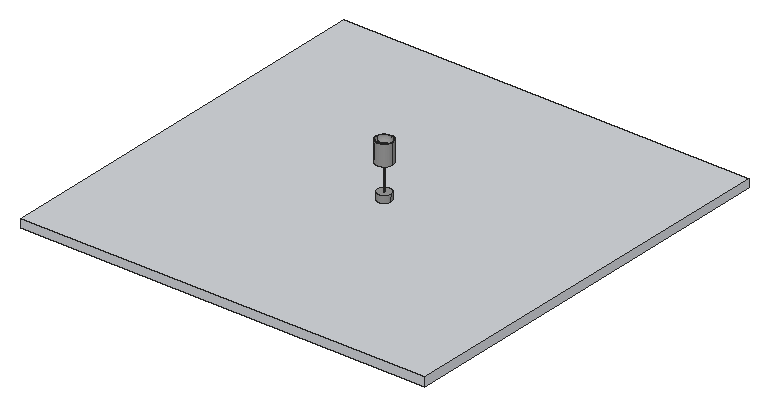
Revit family "LAMP_KOMBIC 100 SURFACE 2000 CRI80 OPAL", category Luminarias, Revit 2018
Family settings
  Anfitrión = Cara
  Cota de conector redondo = Diámetro de uso
  Tipo de pieza = Normal
  Corte con vacíos al cargar = No
  Origen de luz = Sí
  Compartido = No
  Punto de cálculo de habitación = No
Parameters (values of type "1392LM 3000K  M/B")
  Ángulo de inclinación = -90.00°
  Weight = 0.498 kg
  UGR = ""
  Type = "COB PHILIPS"
  Protection rating = "IP40"
  Product datasheet = "http://www.lamp.es/product-files/TECH/K11SF2040OP830NMB-EN.pdf"
  Product code = "K11SF2040OP830NMB"
  Product URL = "https://www.lamp.es/en/family/kombic-surface_474354"
  Power Supply = "220-240V 50/60Hz"
  Power = 12 W
  Plum = 13.4 W
  Modelo = Product code  # "K11SF2040OP830NMB"
  Model explanation = "Possibility of chossing between surface or suspended within the model"
  Material reflector = LAMP_PC Reflector Kombic Metalizado Mate
  Material floron = LAMP_Plástico genérico NG
  Material difusor = LAMP_PMMA Difusor Kombic
  Material cuerpo = LAMP_Plástico genérico NG
  Material cable suspension = LAMP_Acero genérico
  Manufacturer name = "LAMP"
  Manufacturer country = "Spain"
  Manufacturer URL = "http://www.lamp.es/en"
  MacAdam = "3"
  Luminaire type = "Suspended"
  Last update = "21/07/2021"
  Lamp = "COB LED"
  LED Lifetime = "50.000 L80 B10"
  Insulation class = "I"
  Installation instructions = "https://www.lamp.es/product-files/packed/by-family/474354_INS_all.zip"
  IEE = "A+"
  Height suspension [instance] = 200 mm
  Height distance [instance] = if(Surface, 0.1 mm, if(Ceiling rose, if(Height suspension > 38 mm, if(Height suspension < 2000 mm, Height suspension, 2000 mm), 38 mm), 37 mm))  # 200 mm
  Wattage = 13.4 W
  built-in parameter 1150107 = 3000 (stored number, unit not read)
  Surface [instance] = no
  built-in parameter 1150110 = 1 (stored number, unit not read)
  built-in parameter 1150109 = 1 (stored number, unit not read)
  built-in parameter 1150112 = 1 (stored number, unit not read)
  built-in parameter 1150113 = 1 (stored number, unit not read)
  built-in parameter 1114218 = 1 (stored number, unit not read)
  built-in parameter 1150137 = (empty or 0)
  built-in parameter 1150132 = 2
  built-in parameter 1150105 = 110.79 (stored number, unit not read)
  built-in parameter 1150102 = (empty or 0)
  built-in parameter 1150106 = 1.1079 (stored number, unit not read)
  Height = 120 mm
  Gear = "Electronic"
  Lumens = 1392.26 lm
  Finish = "Matte black RAL 9011"
  Color Filter = 16777215
  built-in parameter 1114217 = 1 (stored number, unit not read)
  built-in parameter 1150139 = (empty or 0)
  Fabricante = Manufacturer name  # "LAMP"
  Default Elevation = 1219.2 mm
  built-in parameter 1150104 = 9.6526 (stored number, unit not read)
  Efficacy = 103.9 lm/W
  Diameter = 100 mm
  built-in parameter 1150115 = 1 (stored number, unit not read)
  built-in parameter 1150114 = 1 (stored number, unit not read)
  built-in parameter 1150138 = (empty or 0)
  built-in parameter 1150134 = (empty or 0)
  Ceiling rose [instance] = not(Surface)  # yes
  Dimming Lamp Color Temperature Shift = (empty or 0)
  CRI = "80"
  Archivo de red fotométrica = "K11SF2040OP830NMB.IES"
  built-in parameter 1150133 = 10 (stored number, unit not read)
Types (12, lengths in mm): name | Product datasheet | Product code | Plum | Modelo | Material reflector | Material floron | Material cuerpo | built-in parameter 1150107 | built-in parameter 1150105 | built-in parameter 1150106 | Lumens | Finish | built-in parameter 1150104 | Efficacy | built-in parameter 1150134 | Archivo de red fotométrica
  1392LM 3000K  M/B | "http://www.lamp.es/product-files/TECH/K11SF2040OP830NMB-EN.pdf" | "K11SF2040OP830NMB" | 13.4 W | "K11SF2040OP830NMB" | LAMP_PC Reflector Kombic Metalizado Mate | LAMP_Plástico genérico NG | LAMP_Plástico genérico NG | 3000 (stored number, unit not read) | 110.79 (stored number, unit not read) | 1.1079 (stored number, unit not read) | 1392.26 lm | "Matte black RAL 9011" | 9.6526 (stored number, unit not read) | 103.9 lm/W | (empty or 0) | "K11SF2040OP830NMB.IES"
  1392LM 3000K  M/W | "http://www.lamp.es/product-files/TECH/K11SF2040OP830NMW-EN.pdf" | "K11SF2040OP830NMW" | 13.4 W | "K11SF2040OP830NMW" | LAMP_PC Reflector Kombic Metalizado Mate | LAMP_Plástico genérico BL | LAMP_Plástico genérico BL | 3000 (stored number, unit not read) | 110.79 (stored number, unit not read) | 1.1079 (stored number, unit not read) | 1392.26 lm | "Matte Traffic white RAL 9016" | 9.6526 (stored number, unit not read) | 103.9 lm/W | (empty or 0) | "K11SF2040OP830NMW.IES"
  1454LM 3000K  W/B | "http://www.lamp.es/product-files/TECH/K11SF2040OP830NWB-EN.pdf" | "K11SF2040OP830NWB" | 13.4 W | "K11SF2040OP830NWB" | LAMP_PC Reflector Kombic Blanco | LAMP_Plástico genérico NG | LAMP_Plástico genérico NG | 3000 (stored number, unit not read) | 115.7 (stored number, unit not read) | 1.157 (stored number, unit not read) | 1453.9 lm | "Matte black RAL 9011" | 10.08 (stored number, unit not read) | 108.5 lm/W | (empty or 0) | "K11SF2040OP830NWB.IES"
  1454LM 3000K  W/W | "http://www.lamp.es/product-files/TECH/K11SF2040OP830NWW-EN.pdf" | "K11SF2040OP830NWW" | 13.4 W | "K11SF2040OP830NWW" | LAMP_PC Reflector Kombic Blanco | LAMP_Plástico genérico BL | LAMP_Plástico genérico BL | 3000 (stored number, unit not read) | 115.7 (stored number, unit not read) | 1.157 (stored number, unit not read) | 1453.9 lm | "Matte Traffic white RAL 9016" | 10.08 (stored number, unit not read) | 108.5 lm/W | (empty or 0) | "K11SF2040OP830NWW.IES"
  1460LM 3000K  BR/B | "http://www.lamp.es/product-files/TECH/K11SF2040OP830NRB-EN.pdf" | "K11SF2040OP830NRB" | 13.7 W | "K11SF2040OP830NRB" | LAMP_PC Reflector Kombic Metalizado Brillante | LAMP_Plástico genérico NG | LAMP_Plástico genérico NG | 3000 (stored number, unit not read) | 113.67 (stored number, unit not read) | 1.1367 (stored number, unit not read) | 1428.44 lm | "Matte black RAL 9011" | 9.9035 (stored number, unit not read) | 106.6 lm/W | (empty or 0) | "K11SF2040OP830NRB.IES"
  1460LM 3000K  BR/W | "http://www.lamp.es/product-files/TECH/K11SF2040OP830NRW-EN.pdf" | "K11SF2040OP830NRW" | 13.7 W | "K11SF2040OP830NRW" | LAMP_PC Reflector Kombic Metalizado Brillante | LAMP_Plástico genérico BL | LAMP_Plástico genérico BL | 3000 (stored number, unit not read) | 113.67 (stored number, unit not read) | 1.1367 (stored number, unit not read) | 1428.44 lm | "Matte Traffic white RAL 9016" | 9.9035 (stored number, unit not read) | 106.6 lm/W | (empty or 0) | "K11SF2040OP830NRW.IES"
  1474LM 4000K  M/B | "http://www.lamp.es/product-files/TECH/K11SF2040OP840NMB-EN.pdf" | "K11SF2040OP840NMB" | 13.4 W | "K11SF2040OP840NMB" | LAMP_PC Reflector Kombic Metalizado Mate | LAMP_Plástico genérico NG | LAMP_Plástico genérico NG | 4000 (stored number, unit not read) | 117.3 (stored number, unit not read) | 1.173 (stored number, unit not read) | 1474 lm | "Matte black RAL 9011" | 10.219 (stored number, unit not read) | 110 lm/W | 12 | "K11SF2040OP840NMB.IES"
  1474LM 4000K  M/W | "http://www.lamp.es/product-files/TECH/K11SF2040OP840NMW-EN.pdf" | "K11SF2040OP840NMW" | 13.4 W | "K11SF2040OP840NMW" | LAMP_PC Reflector Kombic Metalizado Mate | LAMP_Plástico genérico BL | LAMP_Plástico genérico BL | 4000 (stored number, unit not read) | 117.3 (stored number, unit not read) | 1.173 (stored number, unit not read) | 1474 lm | "Matte Traffic white RAL 9016" | 10.219 (stored number, unit not read) | 110 lm/W | 12 | "K11SF2040OP840NMW.IES"
  1541LM 4000K  W/B | "http://www.lamp.es/product-files/TECH/K11SF2040OP840NWB-EN.pdf" | "K11SF2040OP840NWB" | 13.4 W | "K11SF2040OP840NWB" | LAMP_PC Reflector Kombic Blanco | LAMP_Plástico genérico NG | LAMP_Plástico genérico NG | 4000 (stored number, unit not read) | 122.63 (stored number, unit not read) | 1.2263 (stored number, unit not read) | 1541 lm | "Matte black RAL 9011" | 10.684 (stored number, unit not read) | 115 lm/W | 12 | "K11SF2040OP840NWB.IES"
  1541LM 4000K  W/W | "http://www.lamp.es/product-files/TECH/K11SF2040OP840NWW-EN.pdf" | "K11SF2040OP840NWW" | 13.4 W | "K11SF2040OP840NWW" | LAMP_PC Reflector Kombic Blanco | LAMP_Plástico genérico BL | LAMP_Plástico genérico BL | 4000 (stored number, unit not read) | 122.63 (stored number, unit not read) | 1.2263 (stored number, unit not read) | 1541 lm | "Matte Traffic white RAL 9016" | 10.684 (stored number, unit not read) | 115 lm/W | 12 | "K11SF2040OP840NWW.IES"
  1547LM 4000K  BR/B | "http://www.lamp.es/product-files/TECH/K11SF2040OP840NRB-EN.pdf" | "K11SF2040OP840NRB" | 13.4 W | "K11SF2040OP840NRB" | LAMP_PC Reflector Kombic Metalizado Brillante | LAMP_Plástico genérico NG | LAMP_Plástico genérico NG | 4000 (stored number, unit not read) | 123.06 (stored number, unit not read) | 1.2306 (stored number, unit not read) | 1546.36 lm | "Matte black RAL 9011" | 10.721 (stored number, unit not read) | 115.4 lm/W | 12 | "K11SF2040OP840NRB.IES"
  1547LM 4000K  BR/W | "http://www.lamp.es/product-files/TECH/K11SF2040OP840NRW-EN.pdf" | "K11SF2040OP840NRW" | 13.4 W | "K11SF2040OP840NRW" | LAMP_PC Reflector Kombic Metalizado Brillante | LAMP_Plástico genérico BL | LAMP_Plástico genérico BL | 4000 (stored number, unit not read) | 123.06 (stored number, unit not read) | 1.2306 (stored number, unit not read) | 1546.36 lm | "Matte Traffic white RAL 9016" | 10.721 (stored number, unit not read) | 115.4 lm/W | 12 | "K11SF2040OP840NRW.IES"
Reference planes
  plane 1 "Centro (Frontal/Posterior)": y = 0
  plane 2: z = 0
  plane 3 "Centro (Izquierda/Derecha)": x = 0
Forms (mm)
  Extrusion 1, solid
    sketch origin (0, 0, 0) x (1, 0, 0) y (0, 1, 0)
      loop
        line (-1219.2, 1219.2) -> (-1219.2, -1219.2) -> (1219.2, -1219.2) -> (1219.2, 1219.2) -> (-1219.2, 1219.2)
    from 0 to -50
  Extrusion 2, solid, material "LAMP_Plástico genérico NG" <- "Material cuerpo"
    sketch origin (0, 0, 0) x (1, 0, 0) y (0, 1, 0)
      loop
        circle (0, 0) r 50
    from 200 to 320
  Extrusion 3, void
    sketch origin (0, 0, 0) x (1, 0, 0) y (0, 1, 0)
      loop
        circle (0, 0) r 48
    from 210.588 to 320
  Sweep 4, solid, material "LAMP_PC Reflector Kombic Metalizado Mate" <- "Material reflector"
    path origin (105.103, -251.845, 320) x (1, 0, 0) y (0, 1, 0)
      loop
        circle (-105.103, 251.959) r 48
    profile origin (0, 48.114, 320) x (0, -1, 0) y (0, 0, 1)
      loop
        arc (0, 0) -> (6.616, -20.646) -> (24, -33.6) r 35.52
        line (24, -33.6) -> (24, -32.6)
        arc (24, -32.6) -> (7.196, -20.217) -> (2, 0) r 31.112
        line (2, 0) -> (0, 0)
  Extrusion 5, solid, material "LAMP_PMMA Difusor Kombic" <- "Material difusor"
    sketch origin (0, 0, 0) x (1, 0, 0) y (0, 1, 0)
      loop
        circle (0, 0) r 24
    from 286.4 to 287.4
  Extrusion 6, solid, material "LAMP_Plástico genérico NG" <- "Material floron", visible <- "Ceiling rose"
    sketch origin (0, 0, 0) x (1, 0, 0) y (0, 1, 0)
      loop
        circle (0, 0) r 42
    from 0 to 37
  Extrusion 7, solid, material "LAMP_Acero genérico" <- "Material cable suspension", visible <- "Ceiling rose"
    sketch origin (0, 0, 0) x (1, 0, 0) y (0, 1, 0)
      loop
        circle (0, 0) r 1
    from 37 to 200
Cuts and joins
  Extrusion 3 cuts Extrusion 2
Text (mm)
  text "Any modification of the parameters and properties of the LAMP BIM models must be executed and validated by the LAMP technical department.\nPhone: +34 93 736 68 00\nE-mail: lamp@lamp.es\n\nLAMP reserves the right to modify the technical specifications of its products." at (1856.491, -4316.333, -2622.127), in view "Preview"
Dimensions and locks
  "Height distance": Extrusion 2 to Extrusion 1
  locked: Extrusion 2 to Extrusion 2 at 120
  locked: cut or joined group of Extrusion 2, Extrusion 3 to cut or joined group of Extrusion 2, Extrusion 3 at 109.412
  aligned and locked: plane 2 to Extrusion 1
  aligned and locked: level to Extrusion 1
  aligned and locked: Extrusion 2 to Extrusion 3
  aligned and locked: cut or joined group of Extrusion 2, Extrusion 3 to Sweep 4 sketch curve
  aligned and locked: Sweep 4 to Extrusion 5
  aligned and locked: Extrusion 5 to Sweep 4
  aligned and locked: Extrusion 7 to Extrusion 6
  aligned and locked: Extrusion 7 to cut or joined group of Extrusion 2, Extrusion 3
  aligned and locked: imposter light to cut or joined group of Extrusion 2, Extrusion 3
Automatic sketch dimensions
  Extrusion 1 sketch curve to Extrusion 1 sketch curve = 2438.4 mm  (x2)
  plane 1 "Centro (Frontal/Posterior)" to Extrusion 2 sketch curve = 0 mm
  Extrusion 2 sketch curve to plane 3 "Centro (Izquierda/Derecha)" = 0 mm
  plane 1 "Centro (Frontal/Posterior)" to Extrusion 3 sketch curve = 0 mm
  Extrusion 3 sketch curve to plane 3 "Centro (Izquierda/Derecha)" = 0 mm
  Sweep 4 sketch curve to Sweep 4 sketch curve = 2 mm
  Sweep 4 sketch curve to Sweep 4 sketch curve = 2.536 mm
  Sweep 4 sketch curve to Sweep 4 sketch curve = 2.814 mm
  Sweep 4 sketch curve to profile plane = 24 mm
  Sweep 4 sketch curve to Sweep 4 sketch curve = 8.984 mm
  Sweep 4 sketch curve to profile plane = 0 mm
  plane 1 "Centro (Frontal/Posterior)" to Extrusion 5 sketch curve = 0 mm
  Extrusion 5 sketch curve to plane 3 "Centro (Izquierda/Derecha)" = 0 mm
  plane 1 "Centro (Frontal/Posterior)" to Extrusion 6 sketch curve = 0 mm
  Extrusion 6 sketch curve to plane 3 "Centro (Izquierda/Derecha)" = 0 mm
  plane 1 "Centro (Frontal/Posterior)" to Extrusion 7 sketch curve = 0 mm
  Extrusion 7 sketch curve to plane 3 "Centro (Izquierda/Derecha)" = 0 mm
  radius of Extrusion 2 sketch curve = 50 mm
  radius of Extrusion 3 sketch curve = 48 mm
  radius of Sweep 4 sketch curve = 48 mm
  radius of Extrusion 5 sketch curve = 24 mm
  radius of Extrusion 6 sketch curve = 42 mm
  radius of Extrusion 7 sketch curve = 1 mm
Connectors
  electrical at (0, 0, 200)
    settings: on cut or joined group of Extrusion 2, Extrusion 3, index 1, voltage 230 V, apparent load 0 VA, apparent load phase1 0 VA, apparent load phase2 0 VA, apparent load phase3 0 VA, power factor 1, load classification "Otro", number of poles 1, system type 31, power factor state 1, is connector primary yes, connector utility no, sub classification motor no, connector description ""
